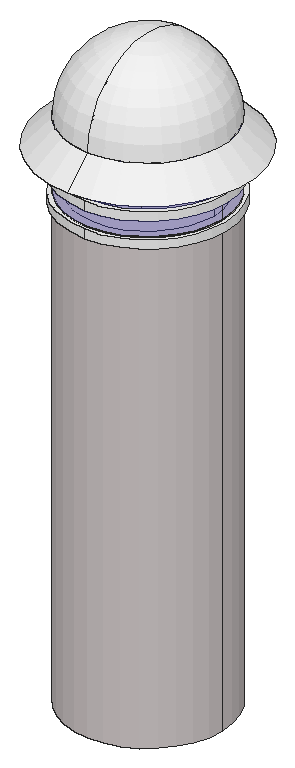
Revit family "4d727c29dfb14dbc80c4bd994abc24da", category Lighting Fixtures, Revit 2021
Family settings
  Round Connector Dimension = Use Diameter
  Part Type = Normal
  OmniClass Number = 23.80.70.14.11.11
  OmniClass Title = Lighting Bollards
  Seek Item ID = Bollard Light-0000-USA-ENU
  Work Plane-Based = No
  Always vertical = Yes
  Cut with Voids When Loaded = No
  Light Source = Yes
  Shared = No
  Room Calculation Point = No
Parameters (values of type "Incandescent - 277V")
  Wattage = 100 W
  built-in parameter 1150110 = 1 (stored number, unit not read)
  built-in parameter 1114217 = 1 (stored number, unit not read)
  built-in parameter 1150109 = 1 (stored number, unit not read)
  built-in parameter 1150134 = 4
  built-in parameter 1150113 = 1 (stored number, unit not read)
  Tilt Angle = 90.00°
  Photometric Web File = "BL1A19.IES"
  Lumens = 1690 lm
  built-in parameter 1150115 = 1 (stored number, unit not read)
  built-in parameter 1150105 = 134.49 (stored number, unit not read)
  Load Classification = Lighting - Exterior
  built-in parameter 1150137 = 1
  built-in parameter 1150139 = (empty or 0)
  built-in parameter 1150112 = 1 (stored number, unit not read)
  built-in parameter 1150114 = 1 (stored number, unit not read)
  Lamp = "A-19"
  built-in parameter 1150132 = (empty or 0)
  built-in parameter 1150102 = (empty or 0)
  built-in parameter 1150138 = (empty or 0)
  built-in parameter 1150107 = 2800 (stored number, unit not read)
  built-in parameter 1150106 = 1.3449 (stored number, unit not read)
  built-in parameter 1150104 = 1.5701 (stored number, unit not read)
  Dimming Lamp Color Temperature Shift = <None>
  Default Elevation = 0' - 0"
  Color Filter = 16777215
  Ballast Voltage = 277 V
  Ballast Number of Poles = 1
  built-in parameter 1114218 = 1 (stored number, unit not read)
  built-in parameter 1150133 = 10 (stored number, unit not read)
  Apparent Load = 100 VA
Types (5): name | Wattage | built-in parameter 1114217 | Photometric Web File | Lumens | built-in parameter 1150105 | Lamp | built-in parameter 1150106 | built-in parameter 1150104 | Ballast Voltage | built-in parameter 1114218 | Apparent Load
  (no name) | 100 W | 1 (stored number, unit not read) | "BL1A19.IES" | 1690 lm | 134.49 (stored number, unit not read) | "A-19" | 1.3449 (stored number, unit not read) | 1.5701 (stored number, unit not read) | 277 V | 1 (stored number, unit not read) | 100 VA
  Incandescent - 120V | 100 W | 1 (stored number, unit not read) | "BL1A19.IES" | 1690 lm | 134.49 (stored number, unit not read) | "A-19" | 1.3449 (stored number, unit not read) | 1.5701 (stored number, unit not read) | 120 V | 1 (stored number, unit not read) | 100 VA
  Incandescent - 277V | 100 W | 1 (stored number, unit not read) | "BL1A19.IES" | 1690 lm | 134.49 (stored number, unit not read) | "A-19" | 1.3449 (stored number, unit not read) | 1.5701 (stored number, unit not read) | 277 V | 1 (stored number, unit not read) | 100 VA
  Fluorescent - 120V | 26 W | 0.88 (stored number, unit not read) | "BL1CF.IES" | 1799.98 lm | 143.24 (stored number, unit not read) | 0' - 0" | 1.4324 (stored number, unit not read) | 6.4317 (stored number, unit not read) | 120 V | 0.88 (stored number, unit not read) | 26 VA
  Fluorescent - 277V | 26 W | 0.88 (stored number, unit not read) | "BL1CF.IES" | 1799.98 lm | 143.24 (stored number, unit not read) | 0' - 0" | 1.4324 (stored number, unit not read) | 6.4317 (stored number, unit not read) | 277 V | 0.88 (stored number, unit not read) | 26 VA
Reference planes (in)
  plane 1 "Light Source Axis": y = -4.5
  plane 2: z = 0
  plane 3 "Light Source Axis": x = -4.5
  plane 4 "Light Source Elevation": z = 30
  plane 5: y = 0
  plane 6: x = 0
  plane 7: y = -9
  plane 8: x = -9
  plane 9: z = 36
  plane 10: z = 31.5
  plane 11: z = 27.5
Forms (in)
  Extrusion 1, solid, material "Concrete, Precast"
    sketch origin (0, 0, 0) x (1, 0, 0) y (0, 1, 0)
      loop
        circle (-4.5, -4.5) r 4.5
    from 0 to 27.5
  Extrusion 2, solid, material "Glass"
    sketch origin (0, 0, 0) x (1, 0, 0) y (0, 1, 0)
      loop
        circle (-4.5, -4.5) r 4.5
      loop
        circle (-4.5, -4.5) r 4
    from 27.5 to 31.5
  Revolve 3, solid, material "Steel, Polished"
    sketch origin (-4.5, 0, 0) x (0, 1, 0) y (0, 0, 1)
      loop
        line (-4.5, 36) -> (-4.5, 35.5) -> (0, 31) -> (0, 30) -> (1.5, 30) -> (0, 31.5)
        arc (0, 31.5) -> (-1.31802, 34.68198) -> (-4.5, 36) r 4.5
      loop
        line (0, 27.5) -> (0, 27) -> (0.25, 27) -> (0.25, 27.5) -> (0, 27.5)
      loop
        line (0, 29) -> (0, 28.5) -> (0.25, 28.5) -> (0.25, 29) -> (0, 29)
      axis (-4.5, 36) -> (-4.5, 27)
    angle from 0 to 360
Lines and regions (in)
  Masking region 1
    outline origin (0, 0, 0) x (1, 0, 0) y (0, 1, 0)
      loop
        circle (-4.5, -4.5) r 6
  symbolic lines, style "Exterior"
    curve 1: arc (0, -4.5, 0) -> (-4.5, 0, 0) -> (-9, -4.5, 0) r 4.5
    curve 2: arc (-9, -4.5, 0) -> (-4.5, -9, 0) -> (0, -4.5, 0) r 4.5
    curve 3: arc (1.5, -4.5, 0) -> (-4.5, 1.5, 0) -> (-10.5, -4.5, 0) r 6
    curve 4: arc (-10.5, -4.5, 0) -> (-4.5, -10.5, 0) -> (1.5, -4.5, 0) r 6
Dimensions and locks (in)
  equal spacing: plane 8, plane 3 "Light Source Axis", plane 6
  plane 8 to plane 6 = 0' - 9"
  plane 7 to plane 5 = 0' - 9"
  equal spacing: plane 7, plane 1 "Light Source Axis", plane 5
  plane 4 "Light Source Elevation" to plane 2 = 2' - 6"
  plane 9 to plane 2 = 3' - 0"
  locked: plane 9 to plane 10 at 4.5
  locked: plane 10 to plane 11 at 4
  aligned and locked: Extrusion 1 to plane 11
  aligned and locked: Extrusion 2 to plane 10
  aligned and locked: Extrusion 2 to Extrusion 1
  aligned and locked: Masking region 1 sketch curve to curve 3
  aligned and locked: plane 3 "Light Source Axis" to imposter light
  aligned and locked: plane 1 "Light Source Axis" to imposter light
  aligned and locked: plane 4 "Light Source Elevation" to imposter light
Connectors (in)
  electrical at (-4.5, -4.5, 27.5), driven by "Apparent Load", driven by "Ballast Voltage", driven by "Ballast Number of Poles", driven by "Load Classification"
    settings: on Extrusion 1, index 1, voltage 277 V, apparent load 0 VA, apparent load phase1 100 VA, apparent load phase2 0 VA, apparent load phase3 0 VA, power factor 0.95, load classification "Lighting - Exterior", number of poles 1, system type 31, power factor state 1, is connector primary yes, connector utility no, sub classification motor no, connector description ""
